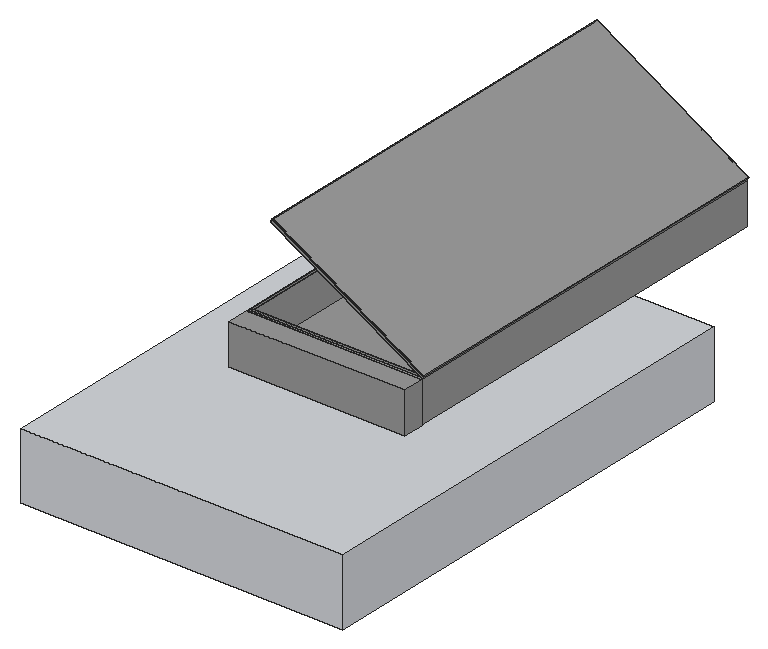
Revit family "Hager-Univers-IP44-D205-H1950-Cl.I-Encl-CH-fr", category Equipement électrique, Revit 2020
Family settings
  Hôte = Face
  Configuration du panneau = Deux colonnes, circuits au sein
  Cote de connecteur circulaire = Utiliser le diamètre
  Type d'élément = Tableau de raccordement
  Couper avec des vides une fois chargée = Non
  Partagée = Non
  Point de calcul de pièce = Non
Parameters (values of type "installation au sol IP44 L800 H1950 P205  - FP23TN2")
  Width Control [instance] = if([EF000008 - largeur] > Min Width, [EF000008 - largeur], Min Width)  # 800 mm
  Commentaires du type = [HG000003 - Gamme]  # "Univers"
  Thickness Door [instance] = if([EF009171 - épaisseur de matériau de la porte/du couvercle] > 3 mm, 3 mm, [EF009171 - épaisseur de matériau de la porte/du couvercle])  # 1 mm
  Seal Frame Offset [instance] = 17 mm  # constant formula
  Plinth Visibility [instance] = [HG000027 - Hauteur du socle] > 0 mm  # yes
  Model = ""
  Min Width [instance] = 100 mm  # constant formula
  Min Height [instance] = 100 mm  # constant formula
  Min Depth [instance] = (2 * [EF009170 - épaisseur de matériau du boîtier]) + 1 mm  # 3 mm
  Internal Frame Depth [instance] = (Door System Depth * 0.5)  # 9 mm
  Height Control [instance] = if([EF000040 - hauteur] > Min Height, [EF000040 - hauteur], Min Height)  # 1950 mm
  HG000027 - Hauteur du socle = 100 mm
  HG000026 - Installation au sol = yes
  HG000024 - Hauteur de la section basse = 800 mm
  HG000023 - Armoire double section = no
  HG000016 - Visibilité de la porte 3D [instance] = yes
  HG000015 - Visibilité de l'emprise de la porte [instance] = no
  HG000014 - Porte à droite [instance] = yes
  HG000013 - Porte à gauche [instance] = not([HG000014 - Porte à droite])  # no
  HG000012 - Angle de pivotement de la porte [instance] = 30.00°
  HG000010 - Portes asymétriques = no
  HG000009 - Porte à double battant = no
  HG000006 - Encastré = no
  HG000004 - Référence fabricant = "FP23TN2"
  HG000003 - Gamme = "Univers"
  HG000002 - avec porte = yes
  Frame Offset Bottom [instance] = 10 mm  # constant formula
  Frame Offset [instance] = 15 mm  # constant formula
  EF015940 - couvercle avec décharge de pression = no
  EF011959 - degré de protection (NEMA) = ""
  EF009554 - nombre d'ouvertures pour plaques à bride = 6
  Fabricant = "Hager"  # constant formula
  EF009212 - finition du couvercle = "EV000116 - fermé"
  EF009171 - épaisseur de matériau de la porte/du couvercle = 1 mm
  EF009170 - épaisseur de matériau du boîtier = 1 mm
  EF008873 - courant nominal (In) = 400 A
  EF007800 - adapté à un parafoudre = no
  EF006306 - avec serrure = no
  EF006244 - couvercle/porte transparent(e) = no
  EF005474 - indice de protection (IP) = "EV006418 - IP44"
  EF004464 - type de porte = "EV002646 - unique"
  EF004427 - nombre de modules = 432
  EF004293 - indice de protection contre les chocs (IK) = "EV006815 - IK09"
  EF003532 - convient pour utilisation à l’extérieur = no
  EF002950 - largeur en nombre de modules = 36
  EF001613 - maintien de fonction = "EV000494 - sans"
  EF001596 - matériau du boîtier/corps = "EV000179 - acier"
  EF001131 - profondeur intérieure = 205 mm
  EF001088 - possibilité de montage en saillie = yes
  EF000437 - nombre d'entrées de conduit = 6
  EF000339 - type de capot = "EV001012 - couvercle"
  EF000266 - nombre de rangées = 12
  EF000218 - profondeur d'encastrement = 0 mm
  EF000118 - avec cadre/support de montage = no
  EF000116 - numéro RAL = "9010"
  EF000049 - profondeur = 205 mm
  EF000040 - hauteur = 1950 mm
  EF000008 - largeur = 800 mm
  EF000007 - couleur = "EV000202 - blanc"
  EF000003 - mode de pose = "EV012274 - installation au sol"
  Door System Leaf Tolerance [instance] = 1.5 mm  # constant formula
  Door System Depth [instance] = 18 mm  # constant formula
  Door Height [instance] = Height Control - [HG000027 - Hauteur du socle]  # 1850 mm
  Depth Control [instance] = if([EF000049 - profondeur] > Min Depth, [EF000049 - profondeur], Min Depth)  # 205 mm
  Default Elevation = 0 mm
  Connector Offset [instance] = Height Control / 2  # 975 mm
  Bottom Top Plate Trim [instance] = 1.5 mm  # constant formula
  Plinth height Ctrl [instance] = if([HG000027 - Hauteur du socle] > 0 mm, [HG000027 - Hauteur du socle], 12 mm)  # 100 mm
Types (5, lengths in mm): name | Width Control | HG000010 - Portes asymétriques | HG000009 - Porte à double battant | HG000004 - Référence fabricant | EF009554 - nombre d'ouvertures pour plaques à bride | EF008873 - courant nominal (In) | EF004464 - type de porte | EF004427 - nombre de modules | EF002950 - largeur en nombre de modules | EF000437 - nombre d'entrées de conduit | EF000008 - largeur
  installation au sol IP44 L1050 H1950 P205  - FP24TN2 | 1050 | no | yes | "FP24TN2" | 8 | 400 A | "EV003602 - double" | 576 | 48 | 8 | 1050
  installation au sol IP44 L1300 H1950 P205  - FP25TN2 | 1300 | yes | yes | "FP25TN2" | 10 | 400 A | "EV003602 - double" | 720 | 60 | 10 | 1300
  installation au sol IP44 L300 H1950 P205  - FP21TN2 | 300 | no | no | "FP21TN2" | 2 | 250 A | "EV002646 - unique" | 144 | 12 | 2 | 300
  installation au sol IP44 L550 H1950 P205  - FP22TN2 | 550 | no | no | "FP22TN2" | 4 | 400 A | "EV002646 - unique" | 288 | 24 | 4 | 550
  installation au sol IP44 L800 H1950 P205  - FP23TN2 | 800 | no | no | "FP23TN2" | 6 | 400 A | "EV002646 - unique" | 432 | 36 | 6 | 800
Reference planes
  plane 1 "Center (Front/Back)": y = 0
  plane 2: z = 0
  plane 3 "Center (Left/Right)": x = 0
  plane 4: z = 205
  plane 5: y = 101
  plane 6: y = 1025
  plane 7: y = 100
  plane 8: y = 1950
  plane 9: z = 0
  plane 10: x = -385
  plane 11: x = 385
  plane 12: x = 384
  plane 13: x = -384
  plane 14: y = 1949
  plane 15: x = -383
  plane 16: x = -400
  plane 17: x = 383
  plane 18: x = 400
  plane 19: x = 399
  plane 20: x = -399
  plane 21: y = 111
  plane 22: y = 1950
  plane 23: y = 1934
  plane 24: z = 187
  plane 25: z = 1
  plane 26: z = 186
  plane 27: z = 204
Forms (mm)
  Extrusion 1, solid
    sketch origin (0, 0, 0) x (1, 0, 0) y (0, 1, 0)
      loop
        line (-702.964, 1305) -> (-702.964, -811.445) -> (766.763, -811.445) -> (766.763, 1305) -> (-702.964, 1305)
    from 0 to -304.8
  Extrusion 2, solid, material "Hager_Steel_RAL7035_Light_Grey", visible <- "Plinth Visibility", detail levels medium+fine
    sketch origin (0, 0, 0) x (1, 0, 0) y (0, 1, 0)
      loop
        line (-400, 0) -> (400, 0) -> (400, 100) -> (-400, 100) -> (-400, 0)
    from 0 to 187
  Extrusion 3, solid, material "Hager_Steel_RAL7035_Light_Grey", detail levels medium+fine
    sketch origin (0, 0, 0) x (1, 0, 0) y (0, 1, 0)
      loop
        line (-400, 100) -> (400, 100) -> (400, 1950) -> (-400, 1950) -> (-400, 100)
    from 0 to 187
  Extrusion 4, void
    sketch origin (0, 0, 0) x (1, 0, 0) y (0, 1, 0)
      loop
        line (-399, 101) -> (399, 101) -> (399, 1949) -> (-399, 1949) -> (-399, 101)
    from 1 to 186
  Extrusion 5, void
    sketch origin (-381.607, -4572, 187) x (0, -1, 0) y (-1, 0, 0)
      loop
        line (-4683, 2.393) -> (-6506, 2.393) -> (-6506, -765.607) -> (-4683, -765.607) -> (-4683, 2.393)
    from 0 to 1 <- "EF009170 - épaisseur de matériau du boîtier"
  Extrusion 6, solid, material "Hager_Steel_RAL7035_Light_Grey", detail levels fine
    sketch origin (0, 0, 187) x (1, 0, 0) y (0, 1, 0)
      loop
        line (-384, 1934) -> (-384, 111) -> (384, 111) -> (384, 1934) -> (-384, 1934)
      loop
        line (-385, 110) -> (385, 110) -> (385, 1935) -> (-385, 1935) -> (-385, 110)
    from 0 to 9 <- "Internal Frame Depth"
  Extrusion 7, solid, material "Hager_Steel_RAL7035_Light_Grey", detail levels coarse
    sketch origin (0, 0, 0) x (1, 0, 0) y (0, 1, 0)
      loop
        line (-400, 0) -> (400, 0) -> (400, 1950) -> (-400, 1950) -> (-400, 0)
    from 0 to 205
  Sweep 8, void
    path in 3D
      loop
        line (-400, 100, 0) -> (400, 100, 0) -> (400, 100, 187) -> (-400, 100, 187) -> (-400, 100, 0)
    profile origin (-400, 100, 93.5) x (-1, 0, 0) y (0, -1, 0)
      loop
        line (0, 0) -> (0, 1.5) -> (-1.5, 1.5)
        arc (-1.5, 1.5) -> (-1.061, 0.439) -> (0, 0) r 1.5
Cuts and joins
  Extrusion 4, Extrusion 5 cuts Extrusion 3
  Sweep 8 cuts Extrusion 2
Lines and regions (mm)
  Masking region 1
    outline origin (0, 0, 0) x (1, 0, 0) y (0, 0, 1)
      loop
        line (-400, 205) -> (-400, 0) -> (400, 0) -> (400, 205) -> (-400, 205)
  Masking region 2, detail levels medium+fine
    outline origin (0, 140, 0) x (0, 1, 0) y (0, 0, 1)
      loop
        line (-40, 0) -> (1810, 0) -> (1810, 187) -> (-40, 187) -> (-40, 0)
  Masking region 3, not visible, detail levels medium+fine
    outline origin (0, 297.922, 0) x (0, 1, 0) y (0, 0, 1)
      loop
        line (738.578, 0) -> (778.578, 0) -> (778.578, 194)
        arc (778.578, 194) -> (775.649, 201.071) -> (768.578, 204) r 10
        line (768.578, 204) -> (738.578, 204) -> (738.578, 0)
  Masking region 4, detail levels coarse
    outline origin (0, 0, 180) x (0, 1, 0) y (0, 0, 1)
      loop
        line (0, -180) -> (1950, -180) -> (1950, 25) -> (0, 25) -> (0, -180)
  Masking region 5, visible <- "Plinth Visibility", detail levels medium+fine
    outline origin (0, 52.24, 12.345) x (0, 0, -1) y (0, 1, 0)
      loop
        line (10.845, 47.76) -> (-173.155, 47.76)
        arc (-173.155, 47.76) -> (-173.594, 46.699) -> (-174.655, 46.26) r 1.5
        line (-174.655, 46.26) -> (-174.655, -52.24) -> (12.345, -52.24) -> (12.345, 46.26)
        arc (12.345, 46.26) -> (11.285, 46.699) -> (10.845, 47.76) r 1.5
  Masking region 6, detail levels medium+fine
    outline origin (-381.607, -4572, 187) x (-1, 0, 0) y (0, -1, 0)
      loop
        line (18.393, -6522) -> (18.393, -4672) -> (-781.607, -4672) -> (-781.607, -6522) -> (18.393, -6522)
  Masking region 7, visible <- "Plinth Visibility", detail levels medium+fine
    outline origin (-381.607, -4727, 187) x (-1, 0, 0) y (0, -1, 0)
      loop
        arc (16.893, -4827) -> (17.332, -4825.939) -> (18.393, -4825.5) r 1.5
        line (18.393, -4825.5) -> (18.393, -4727) -> (-781.607, -4727) -> (-781.607, -4825.5)
        arc (-781.607, -4825.5) -> (-780.546, -4825.939) -> (-780.107, -4827) r 1.5
        line (-780.107, -4827) -> (16.893, -4827)
  Masking region 8, detail levels coarse
    outline origin (-442.548, -4669.526, 187) x (-1, 0, 0) y (0, -1, 0)
      loop
        line (-42.548, -6619.526) -> (-42.548, -4669.526) -> (-842.548, -4669.526) -> (-842.548, -6619.526) -> (-42.548, -6619.526)
  sketch lines
    curve 1: line (-400, 100, 187) -> (-400, 100, 0)
    curve 2: line (400, 100, 187) -> (-400, 100, 187)
    curve 3: line (400, 100, 187) -> (400, 100, 0)
    curve 4: line (-400, 100, 0) -> (400, 100, 0)
Dimensions and locks
  "Depth Control": plane 4 to Extrusion 1
  "HG000027 - Hauteur du socle": plane 1 "Center (Front/Back)" to plane 7
  "EF009170 - épaisseur de matériau du boîtier": plane 5 to plane 7
  locked: connector elem to plane 3 "Center (Left/Right)"
  equal spacing: plane 8, plane 6, plane 7
  locked: connector elem to plane 6
  "EF009170 - épaisseur de matériau du boîtier": plane 8 to plane 14
  "EF009170 - épaisseur de matériau du boîtier": plane 10 to plane 13
  "EF009170 - épaisseur de matériau du boîtier": plane 12 to plane 11
  "Frame Offset": plane 20 to plane 13
  "Frame Offset": plane 12 to plane 19
  "EF009170 - épaisseur de matériau du boîtier": plane 16 to plane 20
  "EF009170 - épaisseur de matériau du boîtier": plane 19 to plane 18
  "Seal Frame Offset": plane 16 to plane 15
  "Seal Frame Offset": plane 17 to plane 18
  "Frame Offset Bottom": plane 21 to plane 5
  "Frame Offset": plane 14 to plane 23
  equal spacing: plane 16, plane 3 "Center (Left/Right)", plane 18
  "Width Control": plane 16 to plane 18
  "EF009170 - épaisseur de matériau du boîtier": plane 4 to plane 27
  "EF009170 - épaisseur de matériau du boîtier": plane 24 to plane 26
  "EF009170 - épaisseur de matériau du boîtier": plane 25 to level
  "Door System Depth": plane 4 to plane 24
  "Height Control": plane 1 "Center (Front/Back)" to Extrusion 7 sketch curve
  "Height Control": Masking region 4 sketch curve to plane 1 "Center (Front/Back)"
  "Height Control": plane 1 "Center (Front/Back)" to plane 22
  "Bottom Top Plate Trim": profile plane to Sweep 8 sketch curve
  "Bottom Top Plate Trim": Sweep 8 sketch curve to profile plane
  "Plinth height Ctrl": plane 1 "Center (Front/Back)" to Extrusion 2 sketch curve
  "Plinth height Ctrl": Masking region 5 sketch curve to plane 1 "Center (Front/Back)"
  "Plinth height Ctrl": plane 1 "Center (Front/Back)" to Masking region 7 sketch curve
  "Thickness Door": Extrusion 6 sketch curve to Extrusion 6 sketch curve  (x3)
  "Thickness Door": cut or joined group of Extrusion 3, Extrusion 4, Extrusion 5 to Extrusion 6 sketch curve
  radius of Masking region 3 sketch curve = 10 mm
  "Bottom Top Plate Trim": radius of Masking region 5 sketch curve  (x2)
  "Bottom Top Plate Trim": radius of Sweep 8 sketch curve
  "Bottom Top Plate Trim": radius of Masking region 7 sketch curve  (x2)
  aligned and locked: plane 2 to Extrusion 1
  aligned and locked: level to Extrusion 1
  aligned and locked: level to Masking region 1 sketch curve
  aligned and locked: Masking region 1 sketch curve to plane 18
  aligned and locked: Masking region 1 sketch curve to plane 16
  aligned and locked: plane 7 to Masking region 2 sketch curve
  aligned and locked: level to Masking region 3 sketch curve
  aligned and locked: Masking region 3 sketch curve to plane 27
  aligned and locked: level to Masking region 2 sketch curve
  aligned and locked: plane 1 "Center (Front/Back)" to Extrusion 2 sketch curve
  aligned and locked: Extrusion 3 sketch curve to plane 7
  aligned and locked: plane 16 to Extrusion 3 sketch curve
  aligned and locked: plane 18 to Extrusion 3 sketch curve
  aligned and locked: plane 20 to Extrusion 4 sketch curve
  aligned and locked: plane 19 to Extrusion 4 sketch curve
  aligned and locked: Extrusion 4 sketch curve to plane 5
  aligned and locked: Extrusion 4 to plane 25
  aligned and locked: plane 26 to Extrusion 4
  aligned and locked: plane 24 to Extrusion 3
  aligned and locked: Extrusion 5 sketch curve to plane 21
  aligned and locked: Extrusion 5 sketch curve to plane 13
  aligned and locked: Extrusion 5 sketch curve to plane 12
  aligned and locked: plane 18 to Extrusion 7 sketch curve
  aligned and locked: plane 1 "Center (Front/Back)" to Extrusion 7 sketch curve
  aligned and locked: plane 16 to Extrusion 7 sketch curve
  aligned and locked: plane 4 to Extrusion 7
  aligned and locked: Extrusion 7 to level
  aligned and locked: level to Masking region 4 sketch curve
  aligned and locked: Masking region 4 sketch curve to plane 1 "Center (Front/Back)"
  aligned and locked: Masking region 4 sketch curve to plane 4
  aligned and locked: nested 1 to level
  aligned and locked: nested 1 to plane 16
  aligned and locked: plane 8 to Extrusion 3 sketch curve
  aligned and locked: plane 23 to Extrusion 5 sketch curve
  aligned and locked: plane 14 to Extrusion 4 sketch curve
  aligned and locked: Masking region 2 sketch curve to plane 8
  aligned and locked: level to Masking region 5 sketch curve
  aligned and locked: plane 16 to Extrusion 2 sketch curve
  aligned and locked: plane 18 to Extrusion 2 sketch curve
  aligned and locked: Masking region 5 sketch curve to plane 24
  aligned and locked: Masking region 2 sketch curve to plane 24
  aligned and locked: plane 24 to Extrusion 2
  aligned and locked: profile plane to Sweep 8 sketch curve  (x2)
  aligned and locked: Masking region 6 sketch curve to plane 18
  aligned and locked: Masking region 6 sketch curve to plane 22
  aligned and locked: Masking region 6 sketch curve to plane 16
  aligned and locked: plane 8 to plane 22
  aligned and locked: Masking region 6 sketch curve to plane 7
  aligned and locked: Masking region 7 sketch curve to plane 16
  aligned and locked: Masking region 7 sketch curve to plane 1 "Center (Front/Back)"
  aligned and locked: Masking region 7 sketch curve to plane 18
  aligned and locked: Masking region 8 sketch curve to plane 1 "Center (Front/Back)"
  aligned and locked: Masking region 8 sketch curve to plane 18
  aligned and locked: Masking region 8 sketch curve to plane 22
  aligned and locked: Masking region 8 sketch curve to plane 16
  aligned and locked: nested 2 to plane 7
  aligned and locked: plane 3 "Center (Left/Right)" to nested 2
  aligned and locked: nested 2 to plane 24
  aligned and locked: Extrusion 6 sketch curve to cut or joined group of Extrusion 3, Extrusion 4, Extrusion 5  (x4)
Automatic sketch dimensions
  Extrusion 1 sketch curve to Extrusion 1 sketch curve = 1469.727 mm
  Extrusion 1 sketch curve to Extrusion 1 sketch curve = 2116.445 mm
  Masking region 1 sketch curve to plane 4 = 0 mm
  plane 6 to Masking region 3 sketch curve = 11.5 mm
  Masking region 3 sketch curve to Masking region 3 sketch curve = 30 mm
  Masking region 5 sketch curve to plane 1 "Center (Front/Back)" = 0 mm
Nested families
  nested 1: "Hager_Enclosure_Symbol" at (-400, 0, 0) x (1, 0, 0) z (0, -1, 0), Height <- "Depth Control", Width <- "Width Control", type "Hager_Enclosure_Symbol"
    with Width_Ctrl 800 mm, Width 800 mm, Height_Ctrl 205 mm, Height 205 mm, A_Width_Int 13.453 mm, A_Width 161.438 mm, A_Height_Ctrl 179.375 mm, A_Height 179.375 mm
  nested 2: "EC000058_Univers_Door" at (0, 100, 187) x (1, 0, 0) z (0, 1, 0), Leaf_Tolerance <- "Door System Leaf Tolerance", Angle <- "HG000012 - Angle de pivotement de la porte", Door_Depth <- "Door System Depth", Door_Left <- "HG000013 - Porte à gauche", Transparent <- "EF006244 - couvercle/porte transparent(e)", Assymetrical <- "HG000010 - Portes asymétriques", Width <- "Width Control", Clearance <- "HG000015 - Visibilité de l'emprise de la porte", Double <- "HG000009 - Porte à double battant", 3d_Door <- "HG000016 - Visibilité de la porte 3D", Lock_Visibility <- "EF006306 - avec serrure", Width_Ctrl <- "Width Control", Door_Right <- "HG000014 - Porte à droite", Door <- "HG000002 - avec porte", Height <- "Door Height", Thickness <- "Thickness Door", type "EC000058_Univers_Door", detail levels medium+fine
    with min_wh 3 mm, Width_Ctrl 800 mm, Width 800 mm, Transparent no, Thickness 1 mm, Seal_Material Hager_Rubber, Lock_Visibility no, Lock_Material Hager_Plastic_RAL9005_Jet_Black, Leaf_Width 800 mm, Leaf_Tolerance_External_Sides 0 mm, Leaf_Tolerance 1.5 mm, Leaf_Offset 0 mm, Leaf_Height 1847 mm, Leaf_2_Width 800 mm, Leaf_2_Offset 400 mm, Leaf_1_Width 800 mm, Leaf_1_Offset 400 mm, Height_Ctrl 1850 mm, Height 1850 mm, Glass_Material Hager_Glass, Double_Clearance_Ctrl no, Double no, Door_Right_Ctrl yes, Door_Right yes, Door_Material Hager_Steel_RAL7035_Light_Grey, Door_Left_Ctrl no, Door_Left no, Door_Depth 18 mm, Door yes, Clearance_Material Hager_Clearance, Clearance_Depth 800 mm, Clearance_Ctrl no, Clearance no, Assymetrical no, Angle 30.00°, 3d_Door yes
Connectors
  electrical at (0, 1025, 0)
    settings: on plane 9, index 1, voltage 0 V, apparent load 0 VA, apparent load phase1 0 VA, apparent load phase2 0 VA, apparent load phase3 0 VA, power factor 1, load classification "Other", number of poles 1, system type 30, power factor state 1, is connector primary yes, connector utility no, sub classification motor no, connector description ""
Definition of nested family "EC000058_Univers_Door"
  Parameters (values of type "EC000058_Univers_Door")
    min_wh [instance] = (2 * Thickness) + 1 mm  # 11 mm
    Width_Ctrl [instance] = 400 mm
    Width [instance] = 500 mm
    Transparent [instance] = yes
    Thickness [instance] = 5 mm
    Seal_Material [instance] = none
    Lock_Visibility [instance] = yes
    Lock_Material [instance] = none
    Leaf_Width [instance] = if((Width_Ctrl - 2 * Leaf_Tolerance_External_Sides) > 0 mm, (Width_Ctrl - 2 * Leaf_Tolerance_External_Sides), min_wh)  # 400 mm
    Leaf_Tolerance_External_Sides [instance] = 0 mm  # constant formula
    Leaf_Tolerance [instance] = 1.5 mm
    Leaf_Offset [instance] = 0 mm  # constant formula
    Leaf_Height [instance] = if((Height_Ctrl - 2 * Leaf_Tolerance) > 0 mm, (Height_Ctrl - 2 * Leaf_Tolerance), min_wh)  # 497 mm
    Leaf_2_Width [instance] = if(and(and(Double, Assymetrical), Door_Left), (Leaf_Width / 3) - (Leaf_Tolerance / 2), if(and(and(Double, Assymetrical), Door_Right), (Leaf_Width / 3) * 2 - (Leaf_Tolerance / 2), if(and(Double, not(Assymetrical)), (Leaf_Width / 2) - Leaf_Tolerance, Leaf_Width)))  # 400 mm
    Leaf_2_Offset [instance] = if(and(Double, Assymetrical), Leaf_2_Width / 2, if(and(Double, not(Assymetrical)), Leaf_Width / 4, Leaf_Width / 2))  # 200 mm
    Leaf_1_Width [instance] = if(and(and(Double, Assymetrical), Door_Right), (Leaf_Width / 3) - (Leaf_Tolerance / 2), if(and(and(Double, Assymetrical), Door_Left), (Width / 3) * 2 - (Leaf_Tolerance / 2), if(and(Double, not(Assymetrical)), (Leaf_Width / 2) - Leaf_Tolerance, Leaf_Width)))  # 400 mm
    Leaf_1_Offset [instance] = if(and(Double, Assymetrical), Leaf_1_Width / 2, if(and(Double, not(Assymetrical)), Leaf_Width / 4, Leaf_Width / 2))  # 200 mm
    Height_Ctrl [instance] = if(Height > min_wh, Height, min_wh)  # 500 mm
    Height [instance] = 500 mm
    Glass_Material [instance] = none
    Double_Clearance_Ctrl [instance] = and(Double, Clearance)  # no
    Double [instance] = no
    Door_Right_Ctrl [instance] = and(or(Door_Right, Double), Door)  # yes
    Door_Right [instance] = yes
    Door_Material [instance] = none
    Door_Left_Ctrl [instance] = and(or(Door_Left, Double), Door)  # no
    Door_Left [instance] = no
    Door_Depth [instance] = 30 mm
    Door [instance] = yes
    Default Elevation = 1219.2 mm
    Clearance_Material [instance] = none
    Clearance_Depth [instance] = if(Leaf_1_Width > Leaf_2_Width, Leaf_1_Width, Leaf_2_Width)  # 400 mm
    Clearance_Ctrl [instance] = and(not(Double), Clearance)  # yes
    Clearance [instance] = yes
    Assymetrical [instance] = yes
    Angle [instance] = 30.00°
    3d_Door [instance] = yes
  Reference planes
    plane 1 "Center (Front/Back)": y = 0
    plane 2 "Bottom": z = 0
    plane 3 "Center (Left/Right)": x = 0
    plane 4: z = 500
    plane 5: x = -200
    plane 6: x = 200
    plane 7: z = 500
    plane 8: x = -200
    plane 9: z = 0
    plane 10: x = 200
    plane 11: y = 0
    plane 12: z = 1.5
    plane 13: x = -600
    plane 14: y = -400
    plane 15: x = 600
    plane 16: x = 0
    plane 17: x = 0
    plane 18: x = -200
    plane 19: x = 200
    plane 20: z = 498.5
  Forms (mm)
    Extrusion 1, solid, material <- "Clearance_Material", visible <- "Double_Clearance_Ctrl"
      sketch origin (1200, 0, 0) x (1, 0, 0) y (0, 0, -1)
        loop
          line (-1800, -498.5) -> (-600, -498.5) -> (-600, 0) -> (-1800, 0) -> (-1800, -498.5)
      from 0 to -400
  Dimensions and locks
    equal spacing: plane 5, plane 3 "Center (Left/Right)", plane 6
    "Width_Ctrl": plane 5 to plane 6
    "Leaf_Offset": plane 5 to plane 8
    "Leaf_Offset": plane 6 to plane 10
    "Leaf_Offset": plane 9 to level
    "Leaf_Offset": plane 4 to plane 7
    "Height_Ctrl": plane 4 to level
    "Leaf_Tolerance": plane 12 to plane 9
    locked: plane 11 to plane 1 "Center (Front/Back)"
    "Leaf_1_Offset": plane 18 to plane 16
    "Leaf_2_Offset": plane 17 to plane 19
    "Leaf_1_Width": plane 13 to plane 8
    "Leaf_2_Width": plane 10 to plane 15
    "Clearance_Depth": plane 14 to plane 1 "Center (Front/Back)"
    "Leaf_Tolerance_External_Sides": plane 8 to plane 18
    "Leaf_Tolerance_External_Sides": plane 19 to plane 10
    "Leaf_Tolerance": plane 7 to plane 20
    aligned and locked: level to plane 2 "Bottom"
    aligned and locked: nested 1 to plane 16
    aligned and locked: nested 2 to plane 17
    aligned and locked: Extrusion 1 to plane 13
    aligned and locked: plane 15 to Extrusion 1
    aligned and locked: Extrusion 1 to plane 14
    aligned and locked: plane 12 to nested 1
    aligned and locked: nested 2 to plane 12
    aligned and locked: Extrusion 1 to plane 11
    aligned and locked: plane 20 to Extrusion 1
    aligned and locked: nested 2 to plane 11
    aligned and locked: nested 1 to plane 11
  Automatic sketch dimensions
    Extrusion 1 sketch curve to level = 0 mm
    plane 5 to Extrusion 1 sketch curve = 400 mm
    plane 6 to Extrusion 1 sketch curve = 400 mm
    Extrusion 1 sketch curve to plane 4 = 1.5 mm
  Nested families
    nested 1: "EC000058_Univers_Door_Leaf" at (0, 0, 1.5), Width <- "Leaf_1_Width", visible <- "Door_Left_Ctrl", Leaf_Height <- "Leaf_Height", Angle <- "Angle", 3d_Door <- "3d_Door", Transparent <- "Transparent", Clearance Material <- "Clearance_Material", Clearance <- "Clearance_Ctrl", Door_Material <- "Door_Material", Glass_Material <- "Glass_Material", Door_Depth <- "Door_Depth", Lock_Material <- "Lock_Material", Seal_Material <- "Seal_Material", Lock_Visibility <- "Lock_Visibility", Thickness <- "Thickness", type "EC000058_Univers_Door_Leaf"
      with Width 400 mm, Transparent_Glass_Offset 30 mm, Transparent_Ctrl yes, Transparent yes, Thickness 5 mm, Standard no, Seal_Material none, Seal_D2 8 mm, Seal_D1 1 mm, Offset_Internal_Frame 10 mm, Lock_Width 20 mm, Lock_Visibility_3d yes, Lock_Visibility yes, Lock_Thickness_3 3 mm, Lock_Thickness_2 1 mm, Lock_Thickness_1 3 mm, Lock_Radius_Offset_2 16 mm, Lock_Radius_Offset_1 15 mm, Lock_Radius_2 5 mm, Lock_Radius 6 mm, Lock_Offset 5 mm, Lock_Material none, Lock_Height 80 mm, Lock_Cover_Top_Offset_2d 17 mm, Lock_Cover_Height -65 mm, Leaf_Height 497 mm, Internal_Seal_Thickness 8 mm, Internal_Seal_Depth_2 4.5 mm, Internal_Frame_Depth 25 mm, Glass_Thickness -1 mm, Glass_Offset -2 mm, Glass_Material none, Door_Material none, Door_Depth 30 mm, Clearance Material none, Clearance yes, Angle_Ctrl 30.00°, Angle 30.00°, 3d_Door yes
    nested 2: "EC000058_Univers_Door_Leaf" at (0, 0, 1.5) x (-1, 0, 0) z (0, 0, 1), Width <- "Leaf_2_Width", visible <- "Door_Right_Ctrl", Leaf_Height <- "Leaf_Height", Angle <- "Angle", 3d_Door <- "3d_Door", Transparent <- "Transparent", Clearance Material <- "Clearance_Material", Clearance <- "Clearance_Ctrl", Door_Material <- "Door_Material", Glass_Material <- "Glass_Material", Door_Depth <- "Door_Depth", Lock_Material <- "Lock_Material", Seal_Material <- "Seal_Material", Lock_Visibility <- "Lock_Visibility", Thickness <- "Thickness", type "EC000058_Univers_Door_Leaf"
      with Width 400 mm, Transparent_Glass_Offset 30 mm, Transparent_Ctrl yes, Transparent yes, Thickness 5 mm, Standard no, Seal_Material none, Seal_D2 8 mm, Seal_D1 1 mm, Offset_Internal_Frame 10 mm, Lock_Width 20 mm, Lock_Visibility_3d yes, Lock_Visibility yes, Lock_Thickness_3 3 mm, Lock_Thickness_2 1 mm, Lock_Thickness_1 3 mm, Lock_Radius_Offset_2 16 mm, Lock_Radius_Offset_1 15 mm, Lock_Radius_2 5 mm, Lock_Radius 6 mm, Lock_Offset 5 mm, Lock_Material none, Lock_Height 80 mm, Lock_Cover_Top_Offset_2d 17 mm, Lock_Cover_Height -65 mm, Leaf_Height 497 mm, Internal_Seal_Thickness 8 mm, Internal_Seal_Depth_2 4.5 mm, Internal_Frame_Depth 25 mm, Glass_Thickness -1 mm, Glass_Offset -2 mm, Glass_Material none, Door_Material none, Door_Depth 30 mm, Clearance Material none, Clearance yes, Angle_Ctrl 30.00°, Angle 30.00°, 3d_Door yes
  Definition of nested family "EC000058_Univers_Door_Leaf"
    Parameters (values of type "EC000058_Univers_Door_Leaf")
      Width [instance] = 2000 mm
      Transparent_Glass_Offset [instance] = 30 mm
      Transparent_Ctrl [instance] = and(Transparent, [3d_Door])  # yes
      Transparent [instance] = yes
      Thickness [instance] = 5 mm
      Standard [instance] = and(not(Transparent), [3d_Door])  # no
      Seal_Material [instance] = none
      Seal_D2 [instance] = 8 mm  # constant formula
      Seal_D1 [instance] = 1 mm  # constant formula
      Offset_Internal_Frame [instance] = 10 mm  # constant formula
      Lock_Width [instance] = 20 mm  # constant formula
      Lock_Visibility_3d [instance] = and(Lock_Visibility, [3d_Door])  # yes
      Lock_Visibility [instance] = yes
      Lock_Thickness_3 [instance] = 3 mm  # constant formula
      Lock_Thickness_2 [instance] = 1 mm  # constant formula
      Lock_Thickness_1 [instance] = 3 mm  # constant formula
      Lock_Radius_Offset_2 [instance] = Lock_Radius_Offset_1 + 1 mm  # 16 mm
      Lock_Radius_Offset_1 [instance] = 15 mm  # constant formula
      Lock_Radius_2 [instance] = Lock_Radius - 1 mm  # 5 mm
      Lock_Radius [instance] = 6 mm  # constant formula
      Lock_Offset [instance] = 5 mm  # constant formula
      Lock_Material [instance] = none
      Lock_Height [instance] = 80 mm  # constant formula
      Lock_Cover_Top_Offset_2d [instance] = Lock_Radius_Offset_2 + 1 mm  # 17 mm
      Lock_Cover_Height [instance] = -(Lock_Height - Lock_Radius_Offset_1)  # -65 mm
      Leaf_Height [instance] = 2720.336 mm
      Internal_Seal_Thickness [instance] = 8 mm  # constant formula
      Internal_Seal_Depth_2 [instance] = 4.5 mm  # constant formula
      Internal_Frame_Depth [instance] = if(Door_Depth - Thickness > 5 mm, Door_Depth - Thickness, 5 mm)  # 25 mm
      Glass_Thickness [instance] = if(Thickness > 15 mm, Glass_Offset + 10 mm, -1 mm)  # -1 mm
      Glass_Offset [instance] = if(Thickness > 15 mm, -(Thickness + 10 mm) / 2, -2 mm)  # -2 mm
      Glass_Material [instance] = none
      Door_Material [instance] = none
      Door_Depth [instance] = 30 mm
      Default Elevation = 0 mm
      Clearance Material [instance] = none
      Clearance [instance] = yes
      Angle_Ctrl [instance] = if(Angle > 180.00°, 180.00°, Angle)  # 90.00°
      Angle [instance] = 90.00°
      3d_Door [instance] = yes
    Reference planes
      plane 1 "Center (Front/Back)": y = 0
      plane 2: z = 0
      plane 3 "Center (Left/Right)": x = 0
      plane 4: y = 2000
      plane 5: x = -1000
      plane 6: x = 1000
      plane 7: x = -3000
      plane 8: z = 2720.336
      plane 9: z = 30
      plane 10: z = 2690.336
      plane 11: x = 970
      plane 12: x = -970
      plane 13: y = -3
      plane 14: z = 107.833
      plane 15: y = -5
      plane 16: y = -223.314
      plane 17: x = -1000
      plane 18: z = 1360.168
      plane 19: y = 30
    Forms (mm)
      Extrusion 1, solid, material <- "Clearance Material", visible <- "Clearance"
        sketch origin (0, 0, 0) x (1, 0, 0) y (0, 0, 1)
          loop
            line (-3000, 2720.336) -> (-3000, 0) -> (1000, 0) -> (1000, 2720.336) -> (-3000, 2720.336)
        from 0 to -2000
      Extrusion 2, solid, material <- "Door_Material", visible <- "Standard", detail levels medium+fine
        sketch origin (-1000, 0, 0) x (0, 1, 0) y (-1, 0, 0)
          loop
            line (0, 30) -> (0, 25) -> (2000, 25) -> (2000, 30) -> (0, 30)
        from 0 to 2720.336 <- "Leaf_Height"
      Extrusion 3, solid, material <- "Door_Material", visible <- "Transparent_Ctrl", detail levels medium+fine
        sketch origin (-1000, 0, 0) x (0, 1, 0) y (-1, 0, 0)
          loop
            line (0, 25) -> (2000, 25) -> (2000, 30) -> (0, 30) -> (0, 25)
        from 0 to 2720.336 <- "Leaf_Height"
      Extrusion 4, void
        sketch origin (-1025, 2000, 0) x (0, 1, 0) y (0, 0, -1)
          loop
            line (-30, -2690.336) -> (-30, -30) -> (-1970, -30) -> (-1970, -2690.336) -> (-30, -2690.336)
        from 0 to 5 <- "Thickness"
      Sweep 5, solid, material <- "Seal_Material", visible <- "Transparent_Ctrl", detail levels fine
        path in 3D
          loop
            line (-1025, 30, 30) -> (-1025, 30, 2690.336) -> (-1025, 1970, 2690.336) -> (-1025, 1970, 30) -> (-1025, 30, 30)
        profile origin (-1025, 1000, 30) x (1, 0, 0) y (0, 0, 1)
          loop
            line (0, 0) -> (0, -8) -> (1, -8) -> (1, 0) -> (0, 0)
      Extrusion 6, solid, material <- "Glass_Material", visible <- "Transparent_Ctrl", detail levels medium+fine
        sketch origin (-1030, 0, 0) x (0, 1, 0) y (0, 0, -1)
          loop
            line (1970, -2690.336) -> (1970, -30) -> (30, -30) -> (30, -2690.336) -> (1970, -2690.336)
        from -2 <- "Glass_Offset" to -1 <- "Glass_Thickness"
      Extrusion 7, solid, material <- "Door_Material", visible <- "3d_Door", detail levels medium+fine
        sketch origin (-1025, 2000, 0) x (0, -1, 0) y (0, 0, -1)
          loop
            line (0, -2720.336) -> (2000, -2720.336) -> (2000, 0) -> (0, 0) -> (0, -2720.336)
          loop
            line (1995, -5) -> (5, -5) -> (5, -2715.336) -> (1995, -2715.336) -> (1995, -5)
        from 0 to 25 <- "Internal_Frame_Depth"
      Sweep 8, solid, material <- "Seal_Material", visible <- "Transparent_Ctrl", detail levels fine
        path in 3D
          loop
            line (-1025, 0, 0) -> (-1025, 2000, 0) -> (-1025, 2000, 2720.336) -> (-1025, 0, 2720.336) -> (-1025, 0, 0)
        profile origin (-1025, 0, 1360.168) x (1, 0, 0) y (0, 1, 0)
          loop
            line (0, 10) -> (2.975, 10)
            arc (2.975, 10) -> (4.053, 10.447) -> (4.5, 11.525) r 1.525
            line (4.5, 11.525) -> (4.5, 16.527)
            arc (4.5, 16.527) -> (4.069, 17.569) -> (3.027, 18) r 1.473
            line (3.027, 18) -> (0, 18) -> (0, 10)
      Extrusion 9, solid, material <- "Lock_Material", visible <- "Lock_Visibility_3d", detail levels fine
        sketch origin (-1030, 0, 0) x (0, 1, 0) y (0, 0, -1)
          loop
            arc (1993.5, -1400.168) -> (1994.561, -1399.729) -> (1995, -1398.668) r 1.5
            line (1995, -1398.668) -> (1995, -1320.168) -> (1975, -1320.168) -> (1975, -1398.668)
            arc (1975, -1398.668) -> (1975.439, -1399.729) -> (1976.5, -1400.168) r 1.5
            line (1976.5, -1400.168) -> (1993.5, -1400.168)
        from 3 <- "Lock_Thickness_1" to 0
      Blend 10, solid, material <- "Lock_Material", visible <- "Lock_Visibility_3d", detail levels fine
        base sketch origin (-1033, 0, 0) x (0, 1, 0) y (0, 0, -1)
          loop
            line (1975, -1320.168) -> (1975, -1398.668)
            arc (1975, -1398.668) -> (1975.439, -1399.729) -> (1976.5, -1400.168) r 1.5
            line (1976.5, -1400.168) -> (1993.5, -1400.168)
            arc (1993.5, -1400.168) -> (1994.561, -1399.729) -> (1995, -1398.668) r 1.5
            line (1995, -1398.668) -> (1995, -1320.168) -> (1975, -1320.168)
        top sketch origin (-1033, 0, 0) x (0, 1, 0) y (0, 0, -1)
          loop
            line (1976, -1320.168) -> (1976, -1398.668)
            arc (1976, -1398.668) -> (1976.146, -1399.022) -> (1976.5, -1399.168) r 0.5
            line (1976.5, -1399.168) -> (1993.5, -1399.168)
            arc (1993.5, -1399.168) -> (1993.854, -1399.022) -> (1994, -1398.668) r 0.5
            line (1994, -1398.668) -> (1994, -1320.168) -> (1976, -1320.168)
        from 0 to 1 <- "Lock_Thickness_2"
      Blend 11, solid, material <- "Lock_Material", visible <- "Lock_Visibility_3d", detail levels fine
        base sketch origin (-1034, 0, 0) x (0, 1, 0) y (0, 0, -1)
          loop
            line (1978, -1320.168) -> (1978, -1384.168)
            arc (1978, -1384.168) -> (1985, -1391.168) -> (1992, -1384.168) r 7
            line (1992, -1384.168) -> (1992, -1320.168) -> (1978, -1320.168)
        top sketch origin (-1034, 0, 0) x (0, 1, 0) y (0, 0, -1)
          loop
            line (1991, -1320.168) -> (1979, -1320.168) -> (1979, -1383.168)
            arc (1979, -1383.168) -> (1985, -1389.168) -> (1991, -1383.168) r 6
            line (1991, -1383.168) -> (1991, -1320.168)
        from 0 to 3 <- "Lock_Thickness_3"
      Extrusion 12, solid, material <- "Lock_Material", visible <- "Lock_Visibility_3d", detail levels fine
        sketch origin (-1030, 1975, 1320.168) x (1, 0, 0) y (0, -1, 0)
          loop
            line (-7, -19) -> (-7, -1) -> (0, -1) -> (0, 0) -> (-8, 0) -> (-8, -20) -> (0, -20) -> (0, -19) -> (-7, -19)
        from 0 to -65 <- "Lock_Cover_Height"
      Extrusion 13, void
        sketch origin (-1038, 1995, 1320.168) x (-1, 0, 0) y (0, 0, -1)
          loop
            line (-5, -65) -> (0, -65) -> (-5, -60) -> (-5, -65)
        from 0 to 20 <- "Lock_Width"
      Extrusion 14, void
        sketch origin (-1038, 1975, 1320.168) x (0, -1, 0) y (0, 0, -1)
          loop
            circle (-10, -15.995) r 6
          loop
            circle (-10, -15.995) r 5
        from 0 to 2
      Extrusion 15, solid, material <- "Lock_Material", visible <- "Lock_Visibility_3d", detail levels medium
        sketch origin (-1030, 0, 0) x (0, 1, 0) y (0, 0, -1)
          loop
            arc (1993.5, -1400.168) -> (1994.561, -1399.729) -> (1995, -1398.668) r 1.5
            line (1995, -1398.668) -> (1995, -1320.168) -> (1975, -1320.168) -> (1975, -1398.668)
            arc (1975, -1398.668) -> (1975.439, -1399.729) -> (1976.5, -1400.168) r 1.5
            line (1976.5, -1400.168) -> (1993.5, -1400.168)
        from 8 to 0
    Cuts and joins
      Extrusion 4 cuts Extrusion 3
      Extrusion 13, Extrusion 14 cuts Extrusion 9
      Extrusion 14 cuts Blend 11
      Extrusion 13, Extrusion 14 cuts Extrusion 12
      joined: Extrusion 9, Blend 10, Blend 11, Extrusion 12
      Extrusion 14 cuts Extrusion 15
    Lines and regions (mm)
      Masking region 1, visible <- "Lock_Visibility", detail levels fine
        outline origin (0, 0, 0) x (0, 1, 0) y (0, 0, 1)
          loop
            line (30, 1320.168) -> (33, 1320.168) -> (33, 1400.168) -> (30, 1400.168) -> (30, 1320.168)
      Masking region 2, visible <- "Lock_Visibility", detail levels fine
        outline origin (0, 3.143, 0) x (0, 1, 0) y (0, 0, 1)
          loop
            line (29.857, 1354.168) -> (30.857, 1354.168) -> (30.857, 1366.168) -> (29.857, 1366.168) -> (29.857, 1354.168)
      Masking region 3, detail levels medium+fine
        outline origin (0, 0, 0) x (0, 1, 0) y (0, 0, 1)
          loop
            line (0, 0) -> (30, 0) -> (30, 2720.336) -> (0, 2720.336) -> (0, 0)
      Masking region 4, detail levels medium+fine
        outline origin (0, 0, 0) x (1, 0, 0) y (0, 0, 1)
          loop
            line (-1000, 2720.336) -> (-1000, 0) -> (1000, 0) -> (1000, 2720.336) -> (-1000, 2720.336)
      Masking region 5, visible <- "Lock_Visibility", detail levels fine
        outline origin (-47.116, 0, 0) x (1, 0, 0) y (0, 0, 1)
          loop
            arc (1024.616, 1399.168) -> (1023.556, 1398.729) -> (1023.116, 1397.668) r 1.5
            line (1023.116, 1397.668) -> (1023.116, 1320.168) -> (1041.116, 1320.168) -> (1041.116, 1397.668)
            arc (1041.116, 1397.668) -> (1040.677, 1398.729) -> (1039.616, 1399.168) r 1.5
            line (1039.616, 1399.168) -> (1024.616, 1399.168)
      Masking region 6, visible <- "Lock_Visibility", detail levels medium+fine
        outline origin (-25, 0, 0) x (1, 0, 0) y (0, 0, 1)
          loop
            arc (1001.5, 1400.168) -> (1000.439, 1399.729) -> (1000, 1398.668) r 1.5
            line (1000, 1398.668) -> (1000, 1320.168) -> (1020, 1320.168) -> (1020, 1398.668)
            arc (1020, 1398.668) -> (1019.561, 1399.729) -> (1018.5, 1400.168) r 1.5
            line (1018.5, 1400.168) -> (1001.5, 1400.168)
      Masking region 7, visible <- "Lock_Visibility", detail levels fine
        outline origin (-73.735, 0, 0) x (1, 0, 0) y (0, 0, 1)
          loop
            line (1051.735, 1382.168) -> (1065.735, 1382.168) -> (1065.735, 1384.168)
            arc (1065.735, 1384.168) -> (1058.735, 1391.168) -> (1051.735, 1384.168) r 7
            line (1051.735, 1384.168) -> (1051.735, 1382.168)
      Masking region 8, visible <- "Lock_Visibility", detail levels fine
        outline origin (-73.735, 0, 0) x (1, 0, 0) y (0, 0, 1)
          loop
            line (1052.735, 1382.168) -> (1064.735, 1382.168) -> (1064.735, 1383.168)
            arc (1064.735, 1383.168) -> (1058.735, 1389.168) -> (1052.735, 1383.168) r 6
            line (1052.735, 1383.168) -> (1052.735, 1382.168)
      Masking region 9, visible <- "Lock_Visibility", detail levels fine
        outline origin (-25, 0, 0) x (1, 0, 0) y (0, 0, 1)
          loop
            line (1020, 1320.168) -> (1020, 1382.168) -> (1000, 1382.168) -> (1000, 1320.168) -> (1020, 1320.168)
      Masking region 10, detail levels medium+fine
        outline origin (0, 0, 0) x (1, 0, 0) y (0, 0, 1)
          loop
            circle (985, 1335.144) r 6
      Masking region 11, detail levels fine
        outline origin (0, 0, 0) x (1, 0, 0) y (0, 0, 1)
          loop
            circle (985, 1335.144) r 5
      Masking region 12, visible <- "Lock_Visibility", detail levels fine
        outline origin (0, 12.767, 0) x (0, 1, 0) y (0, 0, 1)
          loop
            line (20.233, 1320.168) -> (21.233, 1320.168) -> (21.233, 1399.168) -> (20.233, 1400.168) -> (20.233, 1320.168)
      Masking region 13, visible <- "Lock_Visibility", detail levels fine
        outline origin (0, 13.767, -10) x (0, 1, 0) y (0, 0, 1)
          loop
            line (20.233, 1330.168) -> (23.233, 1330.168) -> (23.233, 1399.168) -> (20.233, 1402.168) -> (20.233, 1330.168)
      Masking region 14, visible <- "Lock_Visibility", detail levels fine
        outline origin (0, 12.767, -10) x (0, 1, 0) y (0, 0, 1)
          loop
            line (20.233, 1330.168) -> (25.233, 1330.168) -> (25.233, 1399.305) -> (20.233, 1394.305) -> (20.233, 1330.168)
      Masking region 15, visible <- "Lock_Visibility", detail levels medium
        outline origin (0, 0, 0) x (0, 1, 0) y (0, 0, 1)
          loop
            line (30, 1320.168) -> (38, 1320.168) -> (38, 1400.168) -> (30, 1400.168) -> (30, 1320.168)
      Masking region 16, visible <- "Lock_Visibility", detail levels fine
        outline origin (-1000, 0, 0) x (0, 1, 0) y (-1, 0, 0)
          loop
            line (1975, 30) -> (1995, 30) -> (1995, 38) -> (1975, 38) -> (1975, 30)
          loop
            line (1979, 37) -> (1976, 37) -> (1976, 34) -> (1978, 34) -> (1979, 37)
          loop
            line (1994, 37) -> (1991, 37) -> (1992, 34) -> (1994, 34) -> (1994, 37)
      Masking region 17, visible <- "Lock_Visibility", detail levels medium
        outline origin (-1000, 0, 0) x (0, 1, 0) y (-1, 0, 0)
          loop
            line (1975, 30) -> (1995, 30) -> (1995, 38) -> (1975, 38) -> (1975, 30)
      symbolic lines
        curve 1: line (1000, 0, 0) -> (-3000, 0, 0)
        curve 2: arc (1000, 0, 0) -> (-1000, 2000, 0) -> (-3000, 0, 0) r 2000
        curve 4: line (-1030, 0, 0) -> (-1030, 2000, 0)
      reference lines
        curve 3: line (-1000, 0, 0) -> (-1000, 2000, 0)
      symbolic lines, detail levels medium+fine
        curve 5: line (-1030, 2000, 0) -> (-1025, 2000, 0)
        curve 7: line (-1025, 0, 0) -> (-1030, 0, 0)
        curve 8: line (-1025, 0, 0) -> (-1000, 0, 0)
        curve 9: line (-1000, 0, 0) -> (-1000, 2000, 0)
        curve 10: line (-1000, 2000, 0) -> (-1025, 2000, 0)
      symbolic lines, detail levels fine
        curve 6: line (-1025, 2000, 0) -> (-1025, 0, 0)
      sketch lines
        curve 11: line (-1025, 0, 2720.336) -> (-1025, 0, 0)
        curve 12: line (-1025, 2000, 0) -> (-1025, 0, 0)
        curve 13: line (-1025, 2000, 2720.336) -> (-1025, 2000, 0)
        curve 14: line (-1025, 0, 2720.336) -> (-1025, 2000, 2720.336)
        curve 15: line (-1025, 1970, 30) -> (-1025, 30, 30)
        curve 16: line (-1025, 30, 30) -> (-1025, 30, 2690.336)
        curve 17: line (-1025, 1970, 2690.336) -> (-1025, 1970, 30)
        curve 18: line (-1025, 30, 2690.336) -> (-1025, 1970, 2690.336)
      symbolic lines, visible <- "Transparent", detail levels medium+fine
        curve 19: line (-970, 0, 2690.336) -> (970, 0, 2690.336)
        curve 20: line (-970, 0, 30) -> (-970, 0, 2690.336)
        curve 21: line (970, 0, 30) -> (-970, 0, 30)
        curve 22: line (970, 0, 2690.336) -> (970, 0, 30)
    Dimensions and locks
      "Width": plane 1 "Center (Front/Back)" to plane 4
      equal spacing: plane 5, plane 3 "Center (Left/Right)", plane 6
      "Width": plane 5 to plane 6
      "Width": plane 7 to plane 5
      "Leaf_Height": plane 8 to level
      "Width": curve 5 to curve 3
      "Width": curve 3 to curve 3
      plane 8 to plane 10 = 30 mm
      plane 9 to level = 30 mm
      plane 12 to plane 5 = 30 mm
      plane 6 to plane 11 = 30 mm
      Extrusion 1 to Extrusion 4 sketch curve = 30 mm
      "Transparent_Glass_Offset": curve 3 to Extrusion 4 sketch curve
      "Transparent_Glass_Offset": Extrusion 4 sketch curve to cut or joined group of Extrusion 3, Extrusion 4  (x2)
      cut or joined group of Extrusion 3, Extrusion 4 to Extrusion 6 sketch curve = 30 mm
      "Transparent_Glass_Offset": cut or joined group of Extrusion 3, Extrusion 4 to Extrusion 4 sketch curve
      "Thickness": curve 6 to curve 4
      "Thickness": Extrusion 7 sketch curve to Extrusion 7 sketch curve  (x4)
      "Door_Depth": curve 4 to curve 3
      "Offset_Internal_Frame": profile plane to Sweep 8 sketch curve
      "Internal_Seal_Thickness": Sweep 8 sketch curve to Sweep 8 sketch curve
      "Internal_Seal_Depth_2": profile plane to Sweep 8 sketch curve
      "Seal_D1": profile plane to Sweep 5 sketch curve
      "Seal_D2": profile plane to Sweep 5 sketch curve
      "Thickness": Extrusion 2 sketch curve to Extrusion 2 sketch curve
      equal spacing: Extrusion 9 sketch curve, plane 18, Extrusion 9 sketch curve  (x2)
      equal spacing: Masking region 1 sketch curve, plane 18, Masking region 1 sketch curve
      "Lock_Height": Masking region 1 sketch curve to Masking region 1 sketch curve
      "Lock_Radius": Masking region 2 sketch curve to plane 18 to Masking region 2 sketch curve
      Masking region 2 sketch curve to Masking region 1 = 1 mm
      "Door_Depth": plane 19 to plane 1 "Center (Front/Back)"
      "Lock_Thickness_1": Masking region 1 sketch curve to plane 19
      "Lock_Width": Extrusion 9 sketch curve to Extrusion 9 sketch curve
      "Lock_Height": Extrusion 9 sketch curve to Extrusion 9 sketch curve
      "Lock_Offset": cut or joined group of Extrusion 3, Extrusion 4 to Extrusion 9 sketch curve
      equal spacing: plane 8, plane 18, level
      "Lock_Radius_Offset_1": Blend 11 sketch curve to Blend 10
      locked: Blend 10 to Blend 11 sketch curve at 2  (x2)
      locked: var sketch to Blend 11 sketch curve at 1  (x2)
      "Lock_Radius_Offset_2": Blend 11 sketch curve to Blend 10
      locked: Extrusion 12 sketch curve to Extrusion 12 sketch curve at 1  (x3)
      Masking region 6 sketch curve to Masking region 6 sketch curve = 80 mm
      "Lock_Height": Masking region 6 sketch curve to Masking region 6 sketch curve
      "Lock_Width": Masking region 6 sketch curve to Masking region 6 sketch curve
      locked: Masking region 6 to Masking region 5 sketch curve at 1  (x3)
      locked: Masking region 5 to Masking region 7 sketch curve at 2  (x2)
      "Lock_Radius_Offset_1": Masking region 5 to Masking region 7 sketch curve
      "Lock_Radius_Offset_2": Masking region 5 to Masking region 8 sketch curve
      locked: Masking region 7 to Masking region 8 sketch curve at 1  (x2)
      "Lock_Cover_Top_Offset_2d": Masking region 5 to Masking region 9 sketch curve
      equal spacing: Masking region 9, Masking region 10 sketch curve, Masking region 9
      equal spacing: Masking region 9, Masking region 11 sketch curve, Masking region 9
      Extrusion 15 sketch curve to Extrusion 15 sketch curve = 80 mm
      "Lock_Width": Extrusion 15 sketch curve to Extrusion 15 sketch curve
      "Lock_Height": Extrusion 15 sketch curve to Extrusion 15 sketch curve
      equal spacing: Extrusion 15 sketch curve, plane 18, Extrusion 15 sketch curve
      "Lock_Thickness_3": Masking region 13 sketch curve to Masking region 13 sketch curve
      "Lock_Height": Masking region 12 sketch curve to Masking region 12 sketch curve
      locked: Masking region 13 sketch curve to Masking region 1 at 8
      locked: Masking region 14 sketch curve to Masking region 13 at 1
      locked: Masking region 14 sketch curve to Masking region 1 at 10.863
      "Lock_Height": Masking region 15 sketch curve to Masking region 15 sketch curve
      "Lock_Offset": Extrusion 15 sketch curve to cut or joined group of Extrusion 3, Extrusion 4
      "Lock_Offset": plane 6 to Masking region 6 sketch curve
      radius of Sweep 8 sketch curve = 1.525 mm
      radius of Sweep 8 sketch curve = 1.473 mm
      radius of Extrusion 9 sketch curve = 1.5 mm  (x2)
      "Lock_Radius": radius of Extrusion 14 sketch curve
      "Lock_Radius_2": radius of Extrusion 14 sketch curve
      "Lock_Radius": radius of Masking region 10 sketch curve
      "Lock_Radius_2": radius of Masking region 11 sketch curve
      radius of Extrusion 15 sketch curve = 1.5 mm  (x2)
      "Angle_Ctrl": angle plane 1 "Center (Front/Back)" to curve 3
      locked: Masking region 12 sketch curve to Masking region 12 sketch curve (angle 45.00°)
      locked: Masking region 13 sketch curve to Masking region 13 sketch curve (angle 45.00°)
      locked: Masking region 14 sketch curve to Masking region 14 sketch curve (angle 45.00°)
      aligned and locked: level to plane 2
      aligned and locked: Extrusion 1 to curve 1
      aligned and locked: plane 6 to Extrusion 1
      aligned and locked: Extrusion 1 to plane 1 "Center (Front/Back)"
      aligned and locked: plane 4 to Extrusion 1
      aligned and locked: plane 8 to Extrusion 1
      aligned and locked: curve 7 to Extrusion 2 sketch curve
      aligned and locked: curve 5 to Extrusion 2 sketch curve
      aligned and locked: curve 7 to Extrusion 3 sketch curve
      aligned and locked: Extrusion 3 sketch curve to curve 4
      aligned and locked: Extrusion 3 sketch curve to curve 6
      aligned and locked: Extrusion 3 sketch curve to curve 5
      aligned and locked: curve 9 to curve 3
      aligned and locked: Extrusion 7 sketch curve to cut or joined group of Extrusion 3, Extrusion 4  (x4)
      aligned and locked: plane 17 to curve 3
      aligned and locked: plane 1 "Center (Front/Back)" to curve 3
      aligned and locked: plane 17 to plane 5
      aligned and locked: Sweep 8 sketch curve to profile plane
      aligned and locked: Sweep 5 sketch curve to profile plane  (x2)
      aligned and locked: Masking region 1 to Masking region 2 sketch curve
      aligned and locked: plane 19 to Masking region 1 sketch curve
      aligned and locked: plane 1 "Center (Front/Back)" to Masking region 3 sketch curve
      aligned and locked: plane 19 to Masking region 3 sketch curve
      aligned and locked: level to Masking region 3 sketch curve
      aligned and locked: Masking region 3 sketch curve to plane 8
      aligned and locked: plane 17 to Masking region 4 sketch curve
      aligned and locked: level to Masking region 4 sketch curve
      aligned and locked: Masking region 4 sketch curve to plane 8
      aligned and locked: plane 12 to curve 20
      aligned and locked: plane 10 to curve 19
      aligned and locked: plane 11 to curve 22
      aligned and locked: curve 21 to plane 9
      aligned and locked: Extrusion 2 sketch curve to cut or joined group of Extrusion 3, Extrusion 4
      aligned and locked: Blend 10 sketch curve to Extrusion 9  (x4)
      aligned and locked: Extrusion 9 to Blend 10 sketch curve
      aligned and locked: Blend 10 to Blend 11 sketch curve
      aligned and locked: Extrusion 12 sketch curve to Blend 11
      aligned and locked: Extrusion 12 sketch curve to Extrusion 9  (x4)
      aligned and locked: Masking region 5 sketch curve to Masking region 6
      aligned and locked: Masking region 9 sketch curve to Masking region 6  (x3)
      aligned and locked: Masking region 12 sketch curve to Masking region 1
      aligned and locked: Masking region 13 sketch curve to Masking region 1
      aligned and locked: Masking region 12 to Masking region 14
      aligned and locked: Masking region 14 sketch curve to Masking region 1
      aligned and locked: Masking region 15 sketch curve to Masking region 14
      aligned and locked: Masking region 13 sketch curve to Masking region 12
      aligned and locked: Masking region 16 sketch curve to cut or joined group of Extrusion 14, Extrusion 15  (x4)
      aligned and locked: Masking region 16 sketch curve to cut or joined group of Extrusion 9, Blend 10, Blend 11, Extrusion 12, Extrusion 13, Extrusion 14  (x6)
      aligned and locked: cut or joined group of Extrusion 9, Blend 10, Blend 11, Extrusion 12, Extrusion 13, Extrusion 14 to Masking region 16 sketch curve
      aligned and locked: Masking region 17 sketch curve to cut or joined group of Extrusion 14, Extrusion 15  (x3)
      aligned and locked: Masking region 17 sketch curve to cut or joined group of Extrusion 9, Blend 10, Blend 11, Extrusion 12, Extrusion 13, Extrusion 14
      aligned and locked: Masking region 9 to Masking region 8 sketch curve
      aligned and locked: Masking region 9 to Masking region 7 sketch curve
    Automatic sketch dimensions
      plane 1 "Center (Front/Back)" to curve 2 = 0 mm
      curve 2 to plane 5 = 0 mm
      Extrusion 1 sketch curve to level = 0 mm
      Extrusion 1 sketch curve to plane 7 = 0 mm
      Extrusion 1 sketch curve to plane 6 = 0 mm
      Extrusion 1 sketch curve to plane 8 = 0 mm
      Extrusion 3 to Extrusion 6 sketch curve = 30 mm  (x4)
      Masking region 4 sketch curve to plane 6 = 0 mm
      Blend 10 sketch curve to Extrusion 9 = 1.5 mm
      Blend 10 sketch curve to Extrusion 9 = 1 mm
      Extrusion 13 sketch curve to Extrusion 12 = 0 mm  (x2)
      Extrusion 12 to Extrusion 13 sketch curve = 3 mm
      Extrusion 13 sketch curve to Extrusion 12 = 5 mm
      Extrusion 14 sketch curve to Extrusion 14 sketch curve = 0 mm  (x2)
      Extrusion 14 sketch curve to Extrusion 12 = 10 mm
      Extrusion 14 sketch curve to Extrusion 12 = 15.995 mm
      Masking region 5 sketch curve to Masking region 5 sketch curve = 1.5 mm  (x2)
      Masking region 10 sketch curve to plane 18 = 25.024 mm
      Masking region 11 sketch curve to plane 18 = 25.024 mm
      plane 19 to Masking region 14 sketch curve = 3 mm
      Masking region 16 sketch curve to Masking region 16 sketch curve = 3 mm
      curve 4 to curve 3 = 0 mm
      Blend 10 to Blend 11 sketch curve = 0 mm
      Masking region 6 sketch curve to Masking region 6 sketch curve = 1.5 mm  (x2)
      Masking region 6 sketch curve to plane 18 = 40 mm
      plane 19 to Masking region 12 sketch curve = 3 mm
      Masking region 12 sketch curve to Masking region 12 sketch curve = 1 mm
      Masking region 15 sketch curve to plane 19 = 0 mm
      Masking region 15 sketch curve to plane 18 = 40 mm
      radius of Blend 10 sketch curve to Extrusion 9 = 1 mm
Definition of nested family "Hager_Enclosure_Symbol"
  Parameters (values of type "Hager_Enclosure_Symbol")
    Width_Ctrl [instance] = if(Width > 1 mm, Width, 1 mm)  # 102.27 mm
    Width [instance] = 102.27 mm
    Height_Ctrl [instance] = if(Height > 1 mm, Height, 1 mm)  # 66.5 mm
    A_Width_Int [instance] = if(A_Width / 12 > 2 mm, A_Width / 12, 2 mm)  # 4.364 mm
    A_Width [instance] = if(A_Height_Ctrl * 0.9 > 2 mm, A_Height_Ctrl * 0.9, 2 mm)  # 52.369 mm
    A_Height_Ctrl [instance] = if(A_Height > 2 mm, A_Height, 2 mm)  # 58.188 mm
    Height [instance] = 66.5 mm
    A_Height [instance] = Height - (Height / 8)  # 58.188 mm
  Reference planes
    plane 1 "Centre (avant/arrière)": y = 0
    plane 2: z = 0
    plane 3 "Centre (gauche/droite)": x = 0
    plane 4: x = 52.369
    plane 5: y = 33.042
    plane 6: y = 41.77
    plane 7: y = 66.5
    plane 8: x = 26.184
    plane 9: y = 37.406
    plane 10: x = 102.27
    plane 11: y = 66.5
    plane 12: y = 8.313
  Lines and regions (mm)
    Filled region 1, type "Solid_Black", in view "Niveau de réf."
      outline origin (0, 0, 0) x (1, 0, 0) y (0, 1, 0)
        loop
          line (52.369, 66.5) -> (33.188, 54.536) -> (45.365, 45.006) -> (52.369, 66.5)
    Filled region 2, type "Solid_Black", in view "Niveau de réf."
      outline origin (0, 0, 0) x (1, 0, 0) y (0, 1, 0)
        loop
          line (0, 0) -> (102.27, 0) -> (102.27, 66.5) -> (0, 0)
    detail lines, in view "Niveau de réf."
      curve 1: line (0, 8.313, 0) -> (26.184, 41.77, 0)
      curve 2: line (26.184, 41.77, 0) -> (26.184, 33.042, 0)
      curve 3: line (26.184, 33.042, 0) -> (52.369, 66.5, 0)
  Dimensions and locks
    "A_Width": plane 3 "Centre (gauche/droite)" to plane 4
    equal spacing: plane 3 "Centre (gauche/droite)", plane 8, plane 4
    equal spacing: plane 6, plane 9, plane 5
    equal spacing: curve 3, Filled region 1 sketch curve, Filled region 1 sketch curve
    "Height_Ctrl": plane 1 "Centre (avant/arrière)" to plane 11
    "A_Height_Ctrl": plane 11 to plane 12
    equal spacing: plane 11, plane 9, plane 12
    "A_Width_Int": plane 6 to plane 9
    "Width_Ctrl": plane 3 "Centre (gauche/droite)" to plane 10
    angle Filled region 1 sketch curve to curve 3 = 20.00°
    angle curve 3 to Filled region 1 sketch curve = 20.00°
    locked: curve 3 to Filled region 1 sketch curve (angle 90.00°)
    aligned and locked: plane 10 to Filled region 2
    aligned and locked: plane 11 to Filled region 2 sketch curve
    aligned and locked: plane 10 to Filled region 2 sketch curve
    aligned and locked: plane 3 "Centre (gauche/droite)" to curve 1
    aligned and locked: plane 12 to curve 1
    aligned and locked: plane 7 to plane 11
  Automatic sketch dimensions
    Filled region 1 sketch curve to plane 4 = 0 mm
    Filled region 1 sketch curve to plane 7 = 0 mm
    plane 1 "Centre (avant/arrière)" to Filled region 2 sketch curve = 0 mm
    Filled region 2 sketch curve to plane 3 "Centre (gauche/droite)" = 0 mm
    curve 2 to plane 6 = 0 mm
    curve 2 to plane 8 = 0 mm
    curve 3 to plane 4 = 0 mm
    curve 2 to plane 5 = 0 mm
    curve 3 to plane 7 = 0 mm
